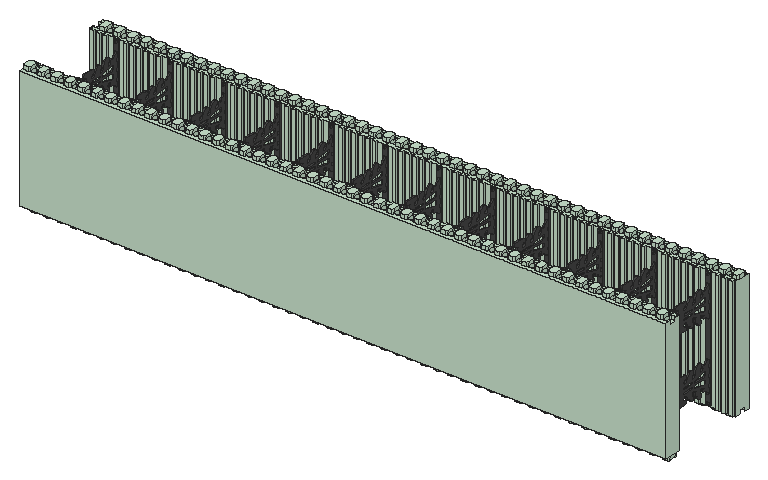
Revit family (continued)
Forms (mm)
  Extrusion 48, void
    sketch origin (2336.8, -50.718, 0) x (1, 0, 0) y (0, 1, 0)
      loop
        arc (49.108, -96.698) -> (48.795, -96.199) -> (48.685, -95.62) r 1.588
        line (48.685, -95.62) -> (48.685, -86.829) -> (44.346, -86.829) -> (44.346, -92.457)
        arc (44.346, -92.457) -> (43.786, -93.668) -> (42.5, -94.024) r 1.587
        arc (42.5, -94.024) -> (36.091, -93.737) -> (29.796, -94.972) r 26.988
        arc (29.796, -94.972) -> (26.615, -97.278) -> (25.4, -101.014) r 6.35
        line (25.4, -101.014) -> (25.4, -124.411)
    from 457.2 to 444.5
  Extrusion 49, void
    sketch origin (2387.6, -50.718, 0) x (1, 0, 0) y (0, 1, 0)
      loop
        arc (25.4, -124.411) -> (26.615, -128.147) -> (29.796, -130.453) r 6.35
        arc (29.796, -130.453) -> (38.1, -131.763) -> (46.404, -130.453) r 26.987
        arc (46.404, -130.453) -> (49.585, -128.147) -> (50.8, -124.411) r 6.35
        line (50.8, -124.411) -> (50.8, -101.014)
        arc (50.8, -101.014) -> (50.362, -98.696) -> (49.108, -96.698) r 6.35
        arc (49.108, -96.698) -> (48.795, -96.199) -> (48.685, -95.62) r 1.588
        line (48.685, -95.62) -> (48.685, -86.829) -> (44.346, -86.829) -> (44.346, -92.457)
        arc (44.346, -92.457) -> (43.786, -93.668) -> (42.5, -94.024) r 1.587
        arc (42.5, -94.024) -> (36.091, -93.737) -> (29.796, -94.972) r 26.988
        arc (29.796, -94.972) -> (26.615, -97.278) -> (25.4, -101.014) r 6.35
        line (25.4, -101.014) -> (25.4, -124.411)
    from 457.2 to 444.5
  Extrusion 50, void
    sketch origin (2438.4, 50.882, 0) x (-1, 0, 0) y (0, -1, 0)
      loop
        arc (25.4, -124.411) -> (26.615, -128.147) -> (29.796, -130.453) r 6.35
        arc (29.796, -130.453) -> (38.1, -131.763) -> (46.404, -130.453) r 26.987
        arc (46.404, -130.453) -> (49.585, -128.147) -> (50.8, -124.411) r 6.35
        line (50.8, -124.411) -> (50.8, -101.014)
        arc (50.8, -101.014) -> (50.362, -98.696) -> (49.108, -96.698) r 6.35
        arc (49.108, -96.698) -> (48.795, -96.199) -> (48.685, -95.62) r 1.588
        line (48.685, -95.62) -> (48.685, -86.829) -> (44.346, -86.829) -> (44.346, -92.457)
        arc (44.346, -92.457) -> (43.786, -93.668) -> (42.5, -94.024) r 1.587
        arc (42.5, -94.024) -> (36.091, -93.737) -> (29.796, -94.972) r 26.988
        arc (29.796, -94.972) -> (26.615, -97.278) -> (25.4, -101.014) r 6.35
        line (25.4, -101.014) -> (25.4, -124.411)
    from 457.2 to 444.5
  Extrusion 51, void
    sketch origin (2387.6, 50.882, 0) x (-1, 0, 0) y (0, -1, 0)
      loop
        arc (25.4, -124.411) -> (26.615, -128.147) -> (29.796, -130.453) r 6.35
        arc (29.796, -130.453) -> (38.1, -131.763) -> (46.404, -130.453) r 26.987
        arc (46.404, -130.453) -> (49.585, -128.147) -> (50.8, -124.411) r 6.35
        line (50.8, -124.411) -> (50.8, -101.014)
        arc (50.8, -101.014) -> (50.362, -98.696) -> (49.108, -96.698) r 6.35
        arc (49.108, -96.698) -> (48.795, -96.199) -> (48.685, -95.62) r 1.588
        line (48.685, -95.62) -> (48.685, -86.829) -> (44.346, -86.829) -> (44.346, -92.457)
        arc (44.346, -92.457) -> (43.786, -93.668) -> (42.5, -94.024) r 1.587
        arc (42.5, -94.024) -> (36.091, -93.737) -> (29.796, -94.972) r 26.988
        arc (29.796, -94.972) -> (26.615, -97.278) -> (25.4, -101.014) r 6.35
        line (25.4, -101.014) -> (25.4, -124.411)
    from 457.2 to 444.5
  Extrusion 52, void
    sketch origin (2336.8, 50.882, 0) x (-1, 0, 0) y (0, -1, 0)
      loop
        arc (25.4, -124.411) -> (26.615, -128.147) -> (29.796, -130.453) r 6.35
        arc (29.796, -130.453) -> (38.1, -131.763) -> (46.404, -130.453) r 26.987
        arc (46.404, -130.453) -> (49.585, -128.147) -> (50.8, -124.411) r 6.35
        line (50.8, -124.411) -> (50.8, -101.014)
        arc (50.8, -101.014) -> (50.362, -98.696) -> (49.108, -96.698) r 6.35
        arc (49.108, -96.698) -> (48.795, -96.199) -> (48.685, -95.62) r 1.588
        line (48.685, -95.62) -> (48.685, -86.829) -> (44.346, -86.829) -> (44.346, -92.457)
        arc (44.346, -92.457) -> (43.786, -93.668) -> (42.5, -94.024) r 1.587
        arc (42.5, -94.024) -> (36.091, -93.737) -> (29.796, -94.972) r 26.988
        arc (29.796, -94.972) -> (26.615, -97.278) -> (25.4, -101.014) r 6.35
        line (25.4, -101.014) -> (25.4, -124.411)
    from 457.2 to 444.5
  Extrusion 53, void
    sketch origin (2286, 50.882, 0) x (-1, 0, 0) y (0, -1, 0)
      loop
        arc (25.4, -124.411) -> (26.615, -128.147) -> (29.796, -130.453) r 6.35
        arc (29.796, -130.453) -> (38.1, -131.763) -> (46.404, -130.453) r 26.987
        arc (46.404, -130.453) -> (49.585, -128.147) -> (50.8, -124.411) r 6.35
        line (50.8, -124.411) -> (50.8, -101.014)
        arc (50.8, -101.014) -> (50.362, -98.696) -> (49.108, -96.698) r 6.35
        arc (49.108, -96.698) -> (48.795, -96.199) -> (48.685, -95.62) r 1.588
        line (48.685, -95.62) -> (48.685, -86.829) -> (44.346, -86.829) -> (44.346, -92.457)
        arc (44.346, -92.457) -> (43.786, -93.668) -> (42.5, -94.024) r 1.587
        arc (42.5, -94.024) -> (36.091, -93.737) -> (29.796, -94.972) r 26.988
        arc (29.796, -94.972) -> (26.615, -97.278) -> (25.4, -101.014) r 6.35
        line (25.4, -101.014) -> (25.4, -124.411)
    from 457.2 to 444.5
  Extrusion 54, void
    sketch origin (2235.2, 50.882, 0) x (-1, 0, 0) y (0, -1, 0)
      loop
        arc (25.4, -124.411) -> (26.615, -128.147) -> (29.796, -130.453) r 6.35
        arc (29.796, -130.453) -> (38.1, -131.763) -> (46.404, -130.453) r 26.987
        arc (46.404, -130.453) -> (49.585, -128.147) -> (50.8, -124.411) r 6.35
        line (50.8, -124.411) -> (50.8, -101.014)
        arc (50.8, -101.014) -> (50.362, -98.696) -> (49.108, -96.698) r 6.35
        arc (49.108, -96.698) -> (48.795, -96.199) -> (48.685, -95.62) r 1.588
        line (48.685, -95.62) -> (48.685, -86.829) -> (44.346, -86.829) -> (44.346, -92.457)
        arc (44.346, -92.457) -> (43.786, -93.668) -> (42.5, -94.024) r 1.587
        arc (42.5, -94.024) -> (36.091, -93.737) -> (29.796, -94.972) r 26.988
        arc (29.796, -94.972) -> (26.615, -97.278) -> (25.4, -101.014) r 6.35
        line (25.4, -101.014) -> (25.4, -124.411)
    from 457.2 to 444.5
  Extrusion 55, void
    sketch origin (2184.4, 50.882, 0) x (-1, 0, 0) y (0, -1, 0)
      loop
        arc (25.4, -124.411) -> (26.615, -128.147) -> (29.796, -130.453) r 6.35
        arc (29.796, -130.453) -> (38.1, -131.763) -> (46.404, -130.453) r 26.987
        arc (46.404, -130.453) -> (49.585, -128.147) -> (50.8, -124.411) r 6.35
        line (50.8, -124.411) -> (50.8, -101.014)
        arc (50.8, -101.014) -> (50.362, -98.696) -> (49.108, -96.698) r 6.35
        arc (49.108, -96.698) -> (48.795, -96.199) -> (48.685, -95.62) r 1.588
        line (48.685, -95.62) -> (48.685, -86.829) -> (44.346, -86.829) -> (44.346, -92.457)
        arc (44.346, -92.457) -> (43.786, -93.668) -> (42.5, -94.024) r 1.587
        arc (42.5, -94.024) -> (36.091, -93.737) -> (29.796, -94.972) r 26.988
        arc (29.796, -94.972) -> (26.615, -97.278) -> (25.4, -101.014) r 6.35
        line (25.4, -101.014) -> (25.4, -124.411)
    from 457.2 to 444.5
  Extrusion 56, void
    sketch origin (2133.6, 50.882, 0) x (-1, 0, 0) y (0, -1, 0)
      loop
        arc (25.4, -124.411) -> (26.615, -128.147) -> (29.796, -130.453) r 6.35
        arc (29.796, -130.453) -> (38.1, -131.763) -> (46.404, -130.453) r 26.987
        arc (46.404, -130.453) -> (49.585, -128.147) -> (50.8, -124.411) r 6.35
        line (50.8, -124.411) -> (50.8, -101.014)
        arc (50.8, -101.014) -> (50.362, -98.696) -> (49.108, -96.698) r 6.35
        arc (49.108, -96.698) -> (48.795, -96.199) -> (48.685, -95.62) r 1.588
        line (48.685, -95.62) -> (48.685, -86.829) -> (44.346, -86.829) -> (44.346, -92.457)
        arc (44.346, -92.457) -> (43.786, -93.668) -> (42.5, -94.024) r 1.587
        arc (42.5, -94.024) -> (36.091, -93.737) -> (29.796, -94.972) r 26.988
        arc (29.796, -94.972) -> (26.615, -97.278) -> (25.4, -101.014) r 6.35
        line (25.4, -101.014) -> (25.4, -124.411)
    from 457.2 to 444.5
  Extrusion 57, void
    sketch origin (2082.8, 50.882, 0) x (-1, 0, 0) y (0, -1, 0)
      loop
        arc (25.4, -124.411) -> (26.615, -128.147) -> (29.796, -130.453) r 6.35
        arc (29.796, -130.453) -> (38.1, -131.763) -> (46.404, -130.453) r 26.987
        arc (46.404, -130.453) -> (49.585, -128.147) -> (50.8, -124.411) r 6.35
        line (50.8, -124.411) -> (50.8, -101.014)
        arc (50.8, -101.014) -> (50.362, -98.696) -> (49.108, -96.698) r 6.35
        arc (49.108, -96.698) -> (48.795, -96.199) -> (48.685, -95.62) r 1.588
        line (48.685, -95.62) -> (48.685, -86.829) -> (44.346, -86.829) -> (44.346, -92.457)
        arc (44.346, -92.457) -> (43.786, -93.668) -> (42.5, -94.024) r 1.587
        arc (42.5, -94.024) -> (36.091, -93.737) -> (29.796, -94.972) r 26.988
        arc (29.796, -94.972) -> (26.615, -97.278) -> (25.4, -101.014) r 6.35
        line (25.4, -101.014) -> (25.4, -124.411)
    from 457.2 to 444.5
  Extrusion 58, void
    sketch origin (2032, 50.882, 0) x (-1, 0, 0) y (0, -1, 0)
      loop
        arc (25.4, -124.411) -> (26.615, -128.147) -> (29.796, -130.453) r 6.35
        arc (29.796, -130.453) -> (38.1, -131.763) -> (46.404, -130.453) r 26.987
        arc (46.404, -130.453) -> (49.585, -128.147) -> (50.8, -124.411) r 6.35
        line (50.8, -124.411) -> (50.8, -101.014)
        arc (50.8, -101.014) -> (50.362, -98.696) -> (49.108, -96.698) r 6.35
        arc (49.108, -96.698) -> (48.795, -96.199) -> (48.685, -95.62) r 1.588
        line (48.685, -95.62) -> (48.685, -86.829) -> (44.346, -86.829) -> (44.346, -92.457)
        arc (44.346, -92.457) -> (43.786, -93.668) -> (42.5, -94.024) r 1.587
        arc (42.5, -94.024) -> (36.091, -93.737) -> (29.796, -94.972) r 26.988
        arc (29.796, -94.972) -> (26.615, -97.278) -> (25.4, -101.014) r 6.35
        line (25.4, -101.014) -> (25.4, -124.411)
    from 457.2 to 444.5
  Extrusion 59, void
    sketch origin (1981.2, 50.882, 0) x (-1, 0, 0) y (0, -1, 0)
      loop
        arc (25.4, -124.411) -> (26.615, -128.147) -> (29.796, -130.453) r 6.35
        arc (29.796, -130.453) -> (38.1, -131.763) -> (46.404, -130.453) r 26.987
        arc (46.404, -130.453) -> (49.585, -128.147) -> (50.8, -124.411) r 6.35
        line (50.8, -124.411) -> (50.8, -101.014)
        arc (50.8, -101.014) -> (50.362, -98.696) -> (49.108, -96.698) r 6.35
        arc (49.108, -96.698) -> (48.795, -96.199) -> (48.685, -95.62) r 1.588
        line (48.685, -95.62) -> (48.685, -86.829) -> (44.346, -86.829) -> (44.346, -92.457)
        arc (44.346, -92.457) -> (43.786, -93.668) -> (42.5, -94.024) r 1.587
        arc (42.5, -94.024) -> (36.091, -93.737) -> (29.796, -94.972) r 26.988
        arc (29.796, -94.972) -> (26.615, -97.278) -> (25.4, -101.014) r 6.35
        line (25.4, -101.014) -> (25.4, -124.411)
    from 457.2 to 444.5
  Extrusion 60, void
    sketch origin (1930.4, 50.882, 0) x (-1, 0, 0) y (0, -1, 0)
      loop
        arc (25.4, -124.411) -> (26.615, -128.147) -> (29.796, -130.453) r 6.35
        arc (29.796, -130.453) -> (38.1, -131.763) -> (46.404, -130.453) r 26.987
        arc (46.404, -130.453) -> (49.585, -128.147) -> (50.8, -124.411) r 6.35
        line (50.8, -124.411) -> (50.8, -101.014)
        arc (50.8, -101.014) -> (50.362, -98.696) -> (49.108, -96.698) r 6.35
        arc (49.108, -96.698) -> (48.795, -96.199) -> (48.685, -95.62) r 1.588
        line (48.685, -95.62) -> (48.685, -86.829) -> (44.346, -86.829) -> (44.346, -92.457)
        arc (44.346, -92.457) -> (43.786, -93.668) -> (42.5, -94.024) r 1.587
        arc (42.5, -94.024) -> (36.091, -93.737) -> (29.796, -94.972) r 26.988
        arc (29.796, -94.972) -> (26.615, -97.278) -> (25.4, -101.014) r 6.35
        line (25.4, -101.014) -> (25.4, -124.411)
    from 457.2 to 444.5
  Extrusion 61, void
    sketch origin (1879.6, 50.882, 0) x (-1, 0, 0) y (0, -1, 0)
      loop
        arc (25.4, -124.411) -> (26.615, -128.147) -> (29.796, -130.453) r 6.35
        arc (29.796, -130.453) -> (38.1, -131.763) -> (46.404, -130.453) r 26.987
        arc (46.404, -130.453) -> (49.585, -128.147) -> (50.8, -124.411) r 6.35
        line (50.8, -124.411) -> (50.8, -101.014)
        arc (50.8, -101.014) -> (50.362, -98.696) -> (49.108, -96.698) r 6.35
        arc (49.108, -96.698) -> (48.795, -96.199) -> (48.685, -95.62) r 1.588
        line (48.685, -95.62) -> (48.685, -86.829) -> (44.346, -86.829) -> (44.346, -92.457)
        arc (44.346, -92.457) -> (43.786, -93.668) -> (42.5, -94.024) r 1.587
        arc (42.5, -94.024) -> (36.091, -93.737) -> (29.796, -94.972) r 26.988
        arc (29.796, -94.972) -> (26.615, -97.278) -> (25.4, -101.014) r 6.35
        line (25.4, -101.014) -> (25.4, -124.411)
    from 457.2 to 444.5
  Extrusion 62, void
    sketch origin (1828.8, 50.882, 0) x (-1, 0, 0) y (0, -1, 0)
      loop
        arc (25.4, -124.411) -> (26.615, -128.147) -> (29.796, -130.453) r 6.35
        arc (29.796, -130.453) -> (38.1, -131.763) -> (46.404, -130.453) r 26.987
        arc (46.404, -130.453) -> (49.585, -128.147) -> (50.8, -124.411) r 6.35
        line (50.8, -124.411) -> (50.8, -101.014)
        arc (50.8, -101.014) -> (50.362, -98.696) -> (49.108, -96.698) r 6.35
        arc (49.108, -96.698) -> (48.795, -96.199) -> (48.685, -95.62) r 1.588
        line (48.685, -95.62) -> (48.685, -86.829) -> (44.346, -86.829) -> (44.346, -92.457)
        arc (44.346, -92.457) -> (43.786, -93.668) -> (42.5, -94.024) r 1.587
        arc (42.5, -94.024) -> (36.091, -93.737) -> (29.796, -94.972) r 26.988
        arc (29.796, -94.972) -> (26.615, -97.278) -> (25.4, -101.014) r 6.35
        line (25.4, -101.014) -> (25.4, -124.411)
    from 457.2 to 444.5
  Extrusion 63, void
    sketch origin (1778, 50.882, 0) x (-1, 0, 0) y (0, -1, 0)
      loop
        arc (25.4, -124.411) -> (26.615, -128.147) -> (29.796, -130.453) r 6.35
        arc (29.796, -130.453) -> (38.1, -131.763) -> (46.404, -130.453) r 26.987
        arc (46.404, -130.453) -> (49.585, -128.147) -> (50.8, -124.411) r 6.35
        line (50.8, -124.411) -> (50.8, -101.014)
        arc (50.8, -101.014) -> (50.362, -98.696) -> (49.108, -96.698) r 6.35
        arc (49.108, -96.698) -> (48.795, -96.199) -> (48.685, -95.62) r 1.588
        line (48.685, -95.62) -> (48.685, -86.829) -> (44.346, -86.829) -> (44.346, -92.457)
        arc (44.346, -92.457) -> (43.786, -93.668) -> (42.5, -94.024) r 1.587
        arc (42.5, -94.024) -> (36.091, -93.737) -> (29.796, -94.972) r 26.988
        arc (29.796, -94.972) -> (26.615, -97.278) -> (25.4, -101.014) r 6.35
        line (25.4, -101.014) -> (25.4, -124.411)
    from 457.2 to 444.5
  Extrusion 64, void
    sketch origin (1727.2, 50.882, 0) x (-1, 0, 0) y (0, -1, 0)
      loop
        arc (25.4, -124.411) -> (26.615, -128.147) -> (29.796, -130.453) r 6.35
        arc (29.796, -130.453) -> (38.1, -131.763) -> (46.404, -130.453) r 26.987
        arc (46.404, -130.453) -> (49.585, -128.147) -> (50.8, -124.411) r 6.35
        line (50.8, -124.411) -> (50.8, -101.014)
        arc (50.8, -101.014) -> (50.362, -98.696) -> (49.108, -96.698) r 6.35
        arc (49.108, -96.698) -> (48.795, -96.199) -> (48.685, -95.62) r 1.588
        line (48.685, -95.62) -> (48.685, -86.829) -> (44.346, -86.829) -> (44.346, -92.457)
        arc (44.346, -92.457) -> (43.786, -93.668) -> (42.5, -94.024) r 1.587
        arc (42.5, -94.024) -> (36.091, -93.737) -> (29.796, -94.972) r 26.988
        arc (29.796, -94.972) -> (26.615, -97.278) -> (25.4, -101.014) r 6.35
        line (25.4, -101.014) -> (25.4, -124.411)
    from 457.2 to 444.5
  Extrusion 65, void
    sketch origin (1676.4, 50.882, 0) x (-1, 0, 0) y (0, -1, 0)
      loop
        arc (25.4, -124.411) -> (26.615, -128.147) -> (29.796, -130.453) r 6.35
        arc (29.796, -130.453) -> (38.1, -131.763) -> (46.404, -130.453) r 26.987
        arc (46.404, -130.453) -> (49.585, -128.147) -> (50.8, -124.411) r 6.35
        line (50.8, -124.411) -> (50.8, -101.014)
        arc (50.8, -101.014) -> (50.362, -98.696) -> (49.108, -96.698) r 6.35
        arc (49.108, -96.698) -> (48.795, -96.199) -> (48.685, -95.62) r 1.588
        line (48.685, -95.62) -> (48.685, -86.829) -> (44.346, -86.829) -> (44.346, -92.457)
        arc (44.346, -92.457) -> (43.786, -93.668) -> (42.5, -94.024) r 1.587
        arc (42.5, -94.024) -> (36.091, -93.737) -> (29.796, -94.972) r 26.988
        arc (29.796, -94.972) -> (26.615, -97.278) -> (25.4, -101.014) r 6.35
        line (25.4, -101.014) -> (25.4, -124.411)
    from 457.2 to 444.5
  Extrusion 66, void
    sketch origin (1625.6, 50.882, 0) x (-1, 0, 0) y (0, -1, 0)
      loop
        arc (25.4, -124.411) -> (26.615, -128.147) -> (29.796, -130.453) r 6.35
        arc (29.796, -130.453) -> (38.1, -131.763) -> (46.404, -130.453) r 26.987
        arc (46.404, -130.453) -> (49.585, -128.147) -> (50.8, -124.411) r 6.35
        line (50.8, -124.411) -> (50.8, -101.014)
        arc (50.8, -101.014) -> (50.362, -98.696) -> (49.108, -96.698) r 6.35
        arc (49.108, -96.698) -> (48.795, -96.199) -> (48.685, -95.62) r 1.588
        line (48.685, -95.62) -> (48.685, -86.829) -> (44.346, -86.829) -> (44.346, -92.457)
        arc (44.346, -92.457) -> (43.786, -93.668) -> (42.5, -94.024) r 1.587
        arc (42.5, -94.024) -> (36.091, -93.737) -> (29.796, -94.972) r 26.988
        arc (29.796, -94.972) -> (26.615, -97.278) -> (25.4, -101.014) r 6.35
        line (25.4, -101.014) -> (25.4, -124.411)
    from 457.2 to 444.5
  Extrusion 67, void
    sketch origin (1574.8, 50.882, 0) x (-1, 0, 0) y (0, -1, 0)
      loop
        arc (25.4, -124.411) -> (26.615, -128.147) -> (29.796, -130.453) r 6.35
        arc (29.796, -130.453) -> (38.1, -131.763) -> (46.404, -130.453) r 26.987
        arc (46.404, -130.453) -> (49.585, -128.147) -> (50.8, -124.411) r 6.35
        line (50.8, -124.411) -> (50.8, -101.014)
        arc (50.8, -101.014) -> (50.362, -98.696) -> (49.108, -96.698) r 6.35
        arc (49.108, -96.698) -> (48.795, -96.199) -> (48.685, -95.62) r 1.588
        line (48.685, -95.62) -> (48.685, -86.829) -> (44.346, -86.829) -> (44.346, -92.457)
        arc (44.346, -92.457) -> (43.786, -93.668) -> (42.5, -94.024) r 1.587
        arc (42.5, -94.024) -> (36.091, -93.737) -> (29.796, -94.972) r 26.988
        arc (29.796, -94.972) -> (26.615, -97.278) -> (25.4, -101.014) r 6.35
        line (25.4, -101.014) -> (25.4, -124.411)
    from 457.2 to 444.5
  Extrusion 68, void
    sketch origin (1524, 50.882, 0) x (-1, 0, 0) y (0, -1, 0)
      loop
        arc (25.4, -124.411) -> (26.615, -128.147) -> (29.796, -130.453) r 6.35
        arc (29.796, -130.453) -> (38.1, -131.763) -> (46.404, -130.453) r 26.987
        arc (46.404, -130.453) -> (49.585, -128.147) -> (50.8, -124.411) r 6.35
        line (50.8, -124.411) -> (50.8, -101.014)
        arc (50.8, -101.014) -> (50.362, -98.696) -> (49.108, -96.698) r 6.35
        arc (49.108, -96.698) -> (48.795, -96.199) -> (48.685, -95.62) r 1.588
        line (48.685, -95.62) -> (48.685, -86.829) -> (44.346, -86.829) -> (44.346, -92.457)
        arc (44.346, -92.457) -> (43.786, -93.668) -> (42.5, -94.024) r 1.587
        arc (42.5, -94.024) -> (36.091, -93.737) -> (29.796, -94.972) r 26.988
        arc (29.796, -94.972) -> (26.615, -97.278) -> (25.4, -101.014) r 6.35
        line (25.4, -101.014) -> (25.4, -124.411)
    from 457.2 to 444.5
  Extrusion 69, void
    sketch origin (1473.2, 50.882, 0) x (-1, 0, 0) y (0, -1, 0)
      loop
        arc (25.4, -124.411) -> (26.615, -128.147) -> (29.796, -130.453) r 6.35
        arc (29.796, -130.453) -> (38.1, -131.763) -> (46.404, -130.453) r 26.987
        arc (46.404, -130.453) -> (49.585, -128.147) -> (50.8, -124.411) r 6.35
        line (50.8, -124.411) -> (50.8, -101.014)
        arc (50.8, -101.014) -> (50.362, -98.696) -> (49.108, -96.698) r 6.35
        arc (49.108, -96.698) -> (48.795, -96.199) -> (48.685, -95.62) r 1.588
        line (48.685, -95.62) -> (48.685, -86.829) -> (44.346, -86.829) -> (44.346, -92.457)
        arc (44.346, -92.457) -> (43.786, -93.668) -> (42.5, -94.024) r 1.587
        arc (42.5, -94.024) -> (36.091, -93.737) -> (29.796, -94.972) r 26.988
        arc (29.796, -94.972) -> (26.615, -97.278) -> (25.4, -101.014) r 6.35
        line (25.4, -101.014) -> (25.4, -124.411)
    from 457.2 to 444.5
  Extrusion 70, void
    sketch origin (1422.4, 50.882, 0) x (-1, 0, 0) y (0, -1, 0)
      loop
        arc (25.4, -124.411) -> (26.615, -128.147) -> (29.796, -130.453) r 6.35
        arc (29.796, -130.453) -> (38.1, -131.763) -> (46.404, -130.453) r 26.987
        arc (46.404, -130.453) -> (49.585, -128.147) -> (50.8, -124.411) r 6.35
        line (50.8, -124.411) -> (50.8, -101.014)
        arc (50.8, -101.014) -> (50.362, -98.696) -> (49.108, -96.698) r 6.35
        arc (49.108, -96.698) -> (48.795, -96.199) -> (48.685, -95.62) r 1.588
        line (48.685, -95.62) -> (48.685, -86.829) -> (44.346, -86.829) -> (44.346, -92.457)
        arc (44.346, -92.457) -> (43.786, -93.668) -> (42.5, -94.024) r 1.587
        arc (42.5, -94.024) -> (36.091, -93.737) -> (29.796, -94.972) r 26.988
        arc (29.796, -94.972) -> (26.615, -97.278) -> (25.4, -101.014) r 6.35
        line (25.4, -101.014) -> (25.4, -124.411)
    from 457.2 to 444.5
  Extrusion 71, void
    sketch origin (1371.6, 50.882, 0) x (-1, 0, 0) y (0, -1, 0)
      loop
        arc (25.4, -124.411) -> (26.615, -128.147) -> (29.796, -130.453) r 6.35
        arc (29.796, -130.453) -> (38.1, -131.763) -> (46.404, -130.453) r 26.987
        arc (46.404, -130.453) -> (49.585, -128.147) -> (50.8, -124.411) r 6.35
        line (50.8, -124.411) -> (50.8, -101.014)
        arc (50.8, -101.014) -> (50.362, -98.696) -> (49.108, -96.698) r 6.35
        arc (49.108, -96.698) -> (48.795, -96.199) -> (48.685, -95.62) r 1.588
        line (48.685, -95.62) -> (48.685, -86.829) -> (44.346, -86.829) -> (44.346, -92.457)
        arc (44.346, -92.457) -> (43.786, -93.668) -> (42.5, -94.024) r 1.587
        arc (42.5, -94.024) -> (36.091, -93.737) -> (29.796, -94.972) r 26.988
        arc (29.796, -94.972) -> (26.615, -97.278) -> (25.4, -101.014) r 6.35
        line (25.4, -101.014) -> (25.4, -124.411)
    from 457.2 to 444.5
  Extrusion 72, void
    sketch origin (1320.8, 50.882, 0) x (-1, 0, 0) y (0, -1, 0)
      loop
        arc (25.4, -124.411) -> (26.615, -128.147) -> (29.796, -130.453) r 6.35
        arc (29.796, -130.453) -> (38.1, -131.763) -> (46.404, -130.453) r 26.987
        arc (46.404, -130.453) -> (49.585, -128.147) -> (50.8, -124.411) r 6.35
        line (50.8, -124.411) -> (50.8, -101.014)
        arc (50.8, -101.014) -> (50.362, -98.696) -> (49.108, -96.698) r 6.35
        arc (49.108, -96.698) -> (48.795, -96.199) -> (48.685, -95.62) r 1.588
        line (48.685, -95.62) -> (48.685, -86.829) -> (44.346, -86.829) -> (44.346, -92.457)
        arc (44.346, -92.457) -> (43.786, -93.668) -> (42.5, -94.024) r 1.587
        arc (42.5, -94.024) -> (36.091, -93.737) -> (29.796, -94.972) r 26.988
        arc (29.796, -94.972) -> (26.615, -97.278) -> (25.4, -101.014) r 6.35
        line (25.4, -101.014) -> (25.4, -124.411)
    from 457.2 to 444.5
  Extrusion 73, void
    sketch origin (1270, 50.882, 0) x (-1, 0, 0) y (0, -1, 0)
      loop
        arc (25.4, -124.411) -> (26.615, -128.147) -> (29.796, -130.453) r 6.35
        arc (29.796, -130.453) -> (38.1, -131.763) -> (46.404, -130.453) r 26.987
        arc (46.404, -130.453) -> (49.585, -128.147) -> (50.8, -124.411) r 6.35
        line (50.8, -124.411) -> (50.8, -101.014)
        arc (50.8, -101.014) -> (50.362, -98.696) -> (49.108, -96.698) r 6.35
        arc (49.108, -96.698) -> (48.795, -96.199) -> (48.685, -95.62) r 1.588
        line (48.685, -95.62) -> (48.685, -86.829) -> (44.346, -86.829) -> (44.346, -92.457)
        arc (44.346, -92.457) -> (43.786, -93.668) -> (42.5, -94.024) r 1.587
        arc (42.5, -94.024) -> (36.091, -93.737) -> (29.796, -94.972) r 26.988
        arc (29.796, -94.972) -> (26.615, -97.278) -> (25.4, -101.014) r 6.35
        line (25.4, -101.014) -> (25.4, -124.411)
    from 457.2 to 444.5
  Extrusion 74, void
    sketch origin (1219.2, 50.882, 0) x (-1, 0, 0) y (0, -1, 0)
      loop
        arc (25.4, -124.411) -> (26.615, -128.147) -> (29.796, -130.453) r 6.35
        arc (29.796, -130.453) -> (38.1, -131.763) -> (46.404, -130.453) r 26.987
        arc (46.404, -130.453) -> (49.585, -128.147) -> (50.8, -124.411) r 6.35
        line (50.8, -124.411) -> (50.8, -101.014)
        arc (50.8, -101.014) -> (50.362, -98.696) -> (49.108, -96.698) r 6.35
        arc (49.108, -96.698) -> (48.795, -96.199) -> (48.685, -95.62) r 1.588
        line (48.685, -95.62) -> (48.685, -86.829) -> (44.346, -86.829) -> (44.346, -92.457)
        arc (44.346, -92.457) -> (43.786, -93.668) -> (42.5, -94.024) r 1.587
        arc (42.5, -94.024) -> (36.091, -93.737) -> (29.796, -94.972) r 26.988
        arc (29.796, -94.972) -> (26.615, -97.278) -> (25.4, -101.014) r 6.35
        line (25.4, -101.014) -> (25.4, -124.411)
    from 457.2 to 444.5
  Extrusion 75, void
    sketch origin (1168.4, 50.882, 0) x (-1, 0, 0) y (0, -1, 0)
      loop
        arc (25.4, -124.411) -> (26.615, -128.147) -> (29.796, -130.453) r 6.35
        arc (29.796, -130.453) -> (38.1, -131.763) -> (46.404, -130.453) r 26.987
        arc (46.404, -130.453) -> (49.585, -128.147) -> (50.8, -124.411) r 6.35
        line (50.8, -124.411) -> (50.8, -101.014)
        arc (50.8, -101.014) -> (50.362, -98.696) -> (49.108, -96.698) r 6.35
        arc (49.108, -96.698) -> (48.795, -96.199) -> (48.685, -95.62) r 1.588
        line (48.685, -95.62) -> (48.685, -86.829) -> (44.346, -86.829) -> (44.346, -92.457)
        arc (44.346, -92.457) -> (43.786, -93.668) -> (42.5, -94.024) r 1.587
        arc (42.5, -94.024) -> (36.091, -93.737) -> (29.796, -94.972) r 26.988
        arc (29.796, -94.972) -> (26.615, -97.278) -> (25.4, -101.014) r 6.35
        line (25.4, -101.014) -> (25.4, -124.411)
    from 457.2 to 444.5
  Extrusion 76, void
    sketch origin (1117.6, 50.882, 0) x (-1, 0, 0) y (0, -1, 0)
      loop
        arc (25.4, -124.411) -> (26.615, -128.147) -> (29.796, -130.453) r 6.35
        arc (29.796, -130.453) -> (38.1, -131.763) -> (46.404, -130.453) r 26.987
        arc (46.404, -130.453) -> (49.585, -128.147) -> (50.8, -124.411) r 6.35
        line (50.8, -124.411) -> (50.8, -101.014)
        arc (50.8, -101.014) -> (50.362, -98.696) -> (49.108, -96.698) r 6.35
        arc (49.108, -96.698) -> (48.795, -96.199) -> (48.685, -95.62) r 1.588
        line (48.685, -95.62) -> (48.685, -86.829) -> (44.346, -86.829) -> (44.346, -92.457)
        arc (44.346, -92.457) -> (43.786, -93.668) -> (42.5, -94.024) r 1.587
        arc (42.5, -94.024) -> (36.091, -93.737) -> (29.796, -94.972) r 26.988
        arc (29.796, -94.972) -> (26.615, -97.278) -> (25.4, -101.014) r 6.35
        line (25.4, -101.014) -> (25.4, -124.411)
    from 457.2 to 444.5
  Extrusion 77, void
    sketch origin (1066.8, 50.882, 0) x (-1, 0, 0) y (0, -1, 0)
      loop
        arc (25.4, -124.411) -> (26.615, -128.147) -> (29.796, -130.453) r 6.35
        arc (29.796, -130.453) -> (38.1, -131.763) -> (46.404, -130.453) r 26.987
        arc (46.404, -130.453) -> (49.585, -128.147) -> (50.8, -124.411) r 6.35
        line (50.8, -124.411) -> (50.8, -101.014)
        arc (50.8, -101.014) -> (50.362, -98.696) -> (49.108, -96.698) r 6.35
        arc (49.108, -96.698) -> (48.795, -96.199) -> (48.685, -95.62) r 1.588
        line (48.685, -95.62) -> (48.685, -86.829) -> (44.346, -86.829) -> (44.346, -92.457)
        arc (44.346, -92.457) -> (43.786, -93.668) -> (42.5, -94.024) r 1.587
        arc (42.5, -94.024) -> (36.091, -93.737) -> (29.796, -94.972) r 26.988
        arc (29.796, -94.972) -> (26.615, -97.278) -> (25.4, -101.014) r 6.35
        line (25.4, -101.014) -> (25.4, -124.411)
    from 457.2 to 444.5
  Extrusion 78, void
    sketch origin (1016, 50.882, 0) x (-1, 0, 0) y (0, -1, 0)
      loop
        arc (25.4, -124.411) -> (26.615, -128.147) -> (29.796, -130.453) r 6.35
        arc (29.796, -130.453) -> (38.1, -131.763) -> (46.404, -130.453) r 26.987
        arc (46.404, -130.453) -> (49.585, -128.147) -> (50.8, -124.411) r 6.35
        line (50.8, -124.411) -> (50.8, -101.014)
        arc (50.8, -101.014) -> (50.362, -98.696) -> (49.108, -96.698) r 6.35
        arc (49.108, -96.698) -> (48.795, -96.199) -> (48.685, -95.62) r 1.588
        line (48.685, -95.62) -> (48.685, -86.829) -> (44.346, -86.829) -> (44.346, -92.457)
        arc (44.346, -92.457) -> (43.786, -93.668) -> (42.5, -94.024) r 1.587
        arc (42.5, -94.024) -> (36.091, -93.737) -> (29.796, -94.972) r 26.988
        arc (29.796, -94.972) -> (26.615, -97.278) -> (25.4, -101.014) r 6.35
        line (25.4, -101.014) -> (25.4, -124.411)
    from 457.2 to 444.5
  Extrusion 79, void
    sketch origin (965.2, 50.882, 0) x (-1, 0, 0) y (0, -1, 0)
      loop
        arc (25.4, -124.411) -> (26.615, -128.147) -> (29.796, -130.453) r 6.35
        arc (29.796, -130.453) -> (38.1, -131.763) -> (46.404, -130.453) r 26.987
        arc (46.404, -130.453) -> (49.585, -128.147) -> (50.8, -124.411) r 6.35
        line (50.8, -124.411) -> (50.8, -101.014)
        arc (50.8, -101.014) -> (50.362, -98.696) -> (49.108, -96.698) r 6.35
        arc (49.108, -96.698) -> (48.795, -96.199) -> (48.685, -95.62) r 1.588
        line (48.685, -95.62) -> (48.685, -86.829) -> (44.346, -86.829) -> (44.346, -92.457)
        arc (44.346, -92.457) -> (43.786, -93.668) -> (42.5, -94.024) r 1.587
        arc (42.5, -94.024) -> (36.091, -93.737) -> (29.796, -94.972) r 26.988
        arc (29.796, -94.972) -> (26.615, -97.278) -> (25.4, -101.014) r 6.35
        line (25.4, -101.014) -> (25.4, -124.411)
    from 457.2 to 444.5
  Extrusion 80, void
    sketch origin (914.4, 50.882, 0) x (-1, 0, 0) y (0, -1, 0)
      loop
        arc (25.4, -124.411) -> (26.615, -128.147) -> (29.796, -130.453) r 6.35
        arc (29.796, -130.453) -> (38.1, -131.763) -> (46.404, -130.453) r 26.987
        arc (46.404, -130.453) -> (49.585, -128.147) -> (50.8, -124.411) r 6.35
        line (50.8, -124.411) -> (50.8, -101.014)
        arc (50.8, -101.014) -> (50.362, -98.696) -> (49.108, -96.698) r 6.35
        arc (49.108, -96.698) -> (48.795, -96.199) -> (48.685, -95.62) r 1.588
        line (48.685, -95.62) -> (48.685, -86.829) -> (44.346, -86.829) -> (44.346, -92.457)
        arc (44.346, -92.457) -> (43.786, -93.668) -> (42.5, -94.024) r 1.587
        arc (42.5, -94.024) -> (36.091, -93.737) -> (29.796, -94.972) r 26.988
        arc (29.796, -94.972) -> (26.615, -97.278) -> (25.4, -101.014) r 6.35
        line (25.4, -101.014) -> (25.4, -124.411)
    from 457.2 to 444.5
  Extrusion 81, void
    sketch origin (863.6, 50.882, 0) x (-1, 0, 0) y (0, -1, 0)
      loop
        arc (25.4, -124.411) -> (26.615, -128.147) -> (29.796, -130.453) r 6.35
        arc (29.796, -130.453) -> (38.1, -131.763) -> (46.404, -130.453) r 26.987
        arc (46.404, -130.453) -> (49.585, -128.147) -> (50.8, -124.411) r 6.35
        line (50.8, -124.411) -> (50.8, -101.014)
        arc (50.8, -101.014) -> (50.362, -98.696) -> (49.108, -96.698) r 6.35
        arc (49.108, -96.698) -> (48.795, -96.199) -> (48.685, -95.62) r 1.588
        line (48.685, -95.62) -> (48.685, -86.829) -> (44.346, -86.829) -> (44.346, -92.457)
        arc (44.346, -92.457) -> (43.786, -93.668) -> (42.5, -94.024) r 1.587
        arc (42.5, -94.024) -> (36.091, -93.737) -> (29.796, -94.972) r 26.988
        arc (29.796, -94.972) -> (26.615, -97.278) -> (25.4, -101.014) r 6.35
        line (25.4, -101.014) -> (25.4, -124.411)
    from 457.2 to 444.5
  Extrusion 82, void
    sketch origin (812.8, 50.882, 0) x (-1, 0, 0) y (0, -1, 0)
      loop
        arc (25.4, -124.411) -> (26.615, -128.147) -> (29.796, -130.453) r 6.35
        arc (29.796, -130.453) -> (38.1, -131.763) -> (46.404, -130.453) r 26.987
        arc (46.404, -130.453) -> (49.585, -128.147) -> (50.8, -124.411) r 6.35
        line (50.8, -124.411) -> (50.8, -101.014)
        arc (50.8, -101.014) -> (50.362, -98.696) -> (49.108, -96.698) r 6.35
        arc (49.108, -96.698) -> (48.795, -96.199) -> (48.685, -95.62) r 1.588
        line (48.685, -95.62) -> (48.685, -86.829) -> (44.346, -86.829) -> (44.346, -92.457)
        arc (44.346, -92.457) -> (43.786, -93.668) -> (42.5, -94.024) r 1.587
        arc (42.5, -94.024) -> (36.091, -93.737) -> (29.796, -94.972) r 26.988
        arc (29.796, -94.972) -> (26.615, -97.278) -> (25.4, -101.014) r 6.35
        line (25.4, -101.014) -> (25.4, -124.411)
    from 457.2 to 444.5
  Extrusion 83, void
    sketch origin (762, 50.882, 0) x (-1, 0, 0) y (0, -1, 0)
      loop
        arc (25.4, -124.411) -> (26.615, -128.147) -> (29.796, -130.453) r 6.35
        arc (29.796, -130.453) -> (38.1, -131.763) -> (46.404, -130.453) r 26.987
        arc (46.404, -130.453) -> (49.585, -128.147) -> (50.8, -124.411) r 6.35
        line (50.8, -124.411) -> (50.8, -101.014)
        arc (50.8, -101.014) -> (50.362, -98.696) -> (49.108, -96.698) r 6.35
        arc (49.108, -96.698) -> (48.795, -96.199) -> (48.685, -95.62) r 1.588
        line (48.685, -95.62) -> (48.685, -86.829) -> (44.346, -86.829) -> (44.346, -92.457)
        arc (44.346, -92.457) -> (43.786, -93.668) -> (42.5, -94.024) r 1.587
        arc (42.5, -94.024) -> (36.091, -93.737) -> (29.796, -94.972) r 26.988
        arc (29.796, -94.972) -> (26.615, -97.278) -> (25.4, -101.014) r 6.35
        line (25.4, -101.014) -> (25.4, -124.411)
    from 457.2 to 444.5
  Extrusion 84, void
    sketch origin (711.2, 50.882, 0) x (-1, 0, 0) y (0, -1, 0)
      loop
        arc (25.4, -124.411) -> (26.615, -128.147) -> (29.796, -130.453) r 6.35
        arc (29.796, -130.453) -> (38.1, -131.763) -> (46.404, -130.453) r 26.987
        arc (46.404, -130.453) -> (49.585, -128.147) -> (50.8, -124.411) r 6.35
        line (50.8, -124.411) -> (50.8, -101.014)
        arc (50.8, -101.014) -> (50.362, -98.696) -> (49.108, -96.698) r 6.35
        arc (49.108, -96.698) -> (48.795, -96.199) -> (48.685, -95.62) r 1.588
        line (48.685, -95.62) -> (48.685, -86.829) -> (44.346, -86.829) -> (44.346, -92.457)
        arc (44.346, -92.457) -> (43.786, -93.668) -> (42.5, -94.024) r 1.587
        arc (42.5, -94.024) -> (36.091, -93.737) -> (29.796, -94.972) r 26.988
        arc (29.796, -94.972) -> (26.615, -97.278) -> (25.4, -101.014) r 6.35
        line (25.4, -101.014) -> (25.4, -124.411)
    from 457.2 to 444.5
  Extrusion 85, void
    sketch origin (660.4, 50.882, 0) x (-1, 0, 0) y (0, -1, 0)
      loop
        arc (25.4, -124.411) -> (26.615, -128.147) -> (29.796, -130.453) r 6.35
        arc (29.796, -130.453) -> (38.1, -131.763) -> (46.404, -130.453) r 26.987
        arc (46.404, -130.453) -> (49.585, -128.147) -> (50.8, -124.411) r 6.35
        line (50.8, -124.411) -> (50.8, -101.014)
        arc (50.8, -101.014) -> (50.362, -98.696) -> (49.108, -96.698) r 6.35
        arc (49.108, -96.698) -> (48.795, -96.199) -> (48.685, -95.62) r 1.588
        line (48.685, -95.62) -> (48.685, -86.829) -> (44.346, -86.829) -> (44.346, -92.457)
        arc (44.346, -92.457) -> (43.786, -93.668) -> (42.5, -94.024) r 1.587
        arc (42.5, -94.024) -> (36.091, -93.737) -> (29.796, -94.972) r 26.988
        arc (29.796, -94.972) -> (26.615, -97.278) -> (25.4, -101.014) r 6.35
        line (25.4, -101.014) -> (25.4, -124.411)
    from 457.2 to 444.5
  Extrusion 86, void
    sketch origin (609.6, 50.882, 0) x (-1, 0, 0) y (0, -1, 0)
      loop
        arc (25.4, -124.411) -> (26.615, -128.147) -> (29.796, -130.453) r 6.35
        arc (29.796, -130.453) -> (38.1, -131.763) -> (46.404, -130.453) r 26.987
        arc (46.404, -130.453) -> (49.585, -128.147) -> (50.8, -124.411) r 6.35
        line (50.8, -124.411) -> (50.8, -101.014)
        arc (50.8, -101.014) -> (50.362, -98.696) -> (49.108, -96.698) r 6.35
        arc (49.108, -96.698) -> (48.795, -96.199) -> (48.685, -95.62) r 1.588
        line (48.685, -95.62) -> (48.685, -86.829) -> (44.346, -86.829) -> (44.346, -92.457)
        arc (44.346, -92.457) -> (43.786, -93.668) -> (42.5, -94.024) r 1.587
        arc (42.5, -94.024) -> (36.091, -93.737) -> (29.796, -94.972) r 26.988
        arc (29.796, -94.972) -> (26.615, -97.278) -> (25.4, -101.014) r 6.35
        line (25.4, -101.014) -> (25.4, -124.411)
    from 457.2 to 444.5
  Extrusion 87, void
    sketch origin (558.8, 50.882, 0) x (-1, 0, 0) y (0, -1, 0)
      loop
        arc (25.4, -124.411) -> (26.615, -128.147) -> (29.796, -130.453) r 6.35
        arc (29.796, -130.453) -> (38.1, -131.763) -> (46.404, -130.453) r 26.987
        arc (46.404, -130.453) -> (49.585, -128.147) -> (50.8, -124.411) r 6.35
        line (50.8, -124.411) -> (50.8, -101.014)
        arc (50.8, -101.014) -> (50.362, -98.696) -> (49.108, -96.698) r 6.35
        arc (49.108, -96.698) -> (48.795, -96.199) -> (48.685, -95.62) r 1.588
        line (48.685, -95.62) -> (48.685, -86.829) -> (44.346, -86.829) -> (44.346, -92.457)
        arc (44.346, -92.457) -> (43.786, -93.668) -> (42.5, -94.024) r 1.587
        arc (42.5, -94.024) -> (36.091, -93.737) -> (29.796, -94.972) r 26.988
        arc (29.796, -94.972) -> (26.615, -97.278) -> (25.4, -101.014) r 6.35
        line (25.4, -101.014) -> (25.4, -124.411)
    from 457.2 to 444.5
  Extrusion 88, void
    sketch origin (508, 50.882, 0) x (-1, 0, 0) y (0, -1, 0)
      loop
        arc (25.4, -124.411) -> (26.615, -128.147) -> (29.796, -130.453) r 6.35
        arc (29.796, -130.453) -> (38.1, -131.763) -> (46.404, -130.453) r 26.987
        arc (46.404, -130.453) -> (49.585, -128.147) -> (50.8, -124.411) r 6.35
        line (50.8, -124.411) -> (50.8, -101.014)
        arc (50.8, -101.014) -> (50.362, -98.696) -> (49.108, -96.698) r 6.35
        arc (49.108, -96.698) -> (48.795, -96.199) -> (48.685, -95.62) r 1.588
        line (48.685, -95.62) -> (48.685, -86.829) -> (44.346, -86.829) -> (44.346, -92.457)
        arc (44.346, -92.457) -> (43.786, -93.668) -> (42.5, -94.024) r 1.587
        arc (42.5, -94.024) -> (36.091, -93.737) -> (29.796, -94.972) r 26.988
        arc (29.796, -94.972) -> (26.615, -97.278) -> (25.4, -101.014) r 6.35
        line (25.4, -101.014) -> (25.4, -124.411)
    from 457.2 to 444.5
  Extrusion 89, void
    sketch origin (457.2, 50.882, 0) x (-1, 0, 0) y (0, -1, 0)
      loop
        arc (25.4, -124.411) -> (26.615, -128.147) -> (29.796, -130.453) r 6.35
        arc (29.796, -130.453) -> (38.1, -131.763) -> (46.404, -130.453) r 26.987
        arc (46.404, -130.453) -> (49.585, -128.147) -> (50.8, -124.411) r 6.35
        line (50.8, -124.411) -> (50.8, -101.014)
        arc (50.8, -101.014) -> (50.362, -98.696) -> (49.108, -96.698) r 6.35
        arc (49.108, -96.698) -> (48.795, -96.199) -> (48.685, -95.62) r 1.588
        line (48.685, -95.62) -> (48.685, -86.829) -> (44.346, -86.829) -> (44.346, -92.457)
        arc (44.346, -92.457) -> (43.786, -93.668) -> (42.5, -94.024) r 1.587
        arc (42.5, -94.024) -> (36.091, -93.737) -> (29.796, -94.972) r 26.988
        arc (29.796, -94.972) -> (26.615, -97.278) -> (25.4, -101.014) r 6.35
        line (25.4, -101.014) -> (25.4, -124.411)
    from 457.2 to 444.5
  Extrusion 90, void
    sketch origin (406.4, 50.882, 0) x (-1, 0, 0) y (0, -1, 0)
      loop
        arc (25.4, -124.411) -> (26.615, -128.147) -> (29.796, -130.453) r 6.35
        arc (29.796, -130.453) -> (38.1, -131.763) -> (46.404, -130.453) r 26.987
        arc (46.404, -130.453) -> (49.585, -128.147) -> (50.8, -124.411) r 6.35
        line (50.8, -124.411) -> (50.8, -101.014)
        arc (50.8, -101.014) -> (50.362, -98.696) -> (49.108, -96.698) r 6.35
        arc (49.108, -96.698) -> (48.795, -96.199) -> (48.685, -95.62) r 1.588
        line (48.685, -95.62) -> (48.685, -86.829) -> (44.346, -86.829) -> (44.346, -92.457)
        arc (44.346, -92.457) -> (43.786, -93.668) -> (42.5, -94.024) r 1.587
        arc (42.5, -94.024) -> (36.091, -93.737) -> (29.796, -94.972) r 26.988
        arc (29.796, -94.972) -> (26.615, -97.278) -> (25.4, -101.014) r 6.35
        line (25.4, -101.014) -> (25.4, -124.411)
    from 457.2 to 444.5
  Extrusion 91, void
    sketch origin (355.6, 50.882, 0) x (-1, 0, 0) y (0, -1, 0)
      loop
        arc (25.4, -124.411) -> (26.615, -128.147) -> (29.796, -130.453) r 6.35
        arc (29.796, -130.453) -> (38.1, -131.763) -> (46.404, -130.453) r 26.987
        arc (46.404, -130.453) -> (49.585, -128.147) -> (50.8, -124.411) r 6.35
        line (50.8, -124.411) -> (50.8, -101.014)
        arc (50.8, -101.014) -> (50.362, -98.696) -> (49.108, -96.698) r 6.35
        arc (49.108, -96.698) -> (48.795, -96.199) -> (48.685, -95.62) r 1.588
        line (48.685, -95.62) -> (48.685, -86.829) -> (44.346, -86.829) -> (44.346, -92.457)
        arc (44.346, -92.457) -> (43.786, -93.668) -> (42.5, -94.024) r 1.587
        arc (42.5, -94.024) -> (36.091, -93.737) -> (29.796, -94.972) r 26.988
        arc (29.796, -94.972) -> (26.615, -97.278) -> (25.4, -101.014) r 6.35
        line (25.4, -101.014) -> (25.4, -124.411)
    from 457.2 to 444.5
  Extrusion 92, void
    sketch origin (304.8, 50.882, 0) x (-1, 0, 0) y (0, -1, 0)
      loop
        arc (25.4, -124.411) -> (26.615, -128.147) -> (29.796, -130.453) r 6.35
        arc (29.796, -130.453) -> (38.1, -131.763) -> (46.404, -130.453) r 26.987
        arc (46.404, -130.453) -> (49.585, -128.147) -> (50.8, -124.411) r 6.35
        line (50.8, -124.411) -> (50.8, -101.014)
        arc (50.8, -101.014) -> (50.362, -98.696) -> (49.108, -96.698) r 6.35
        arc (49.108, -96.698) -> (48.795, -96.199) -> (48.685, -95.62) r 1.588
        line (48.685, -95.62) -> (48.685, -86.829) -> (44.346, -86.829) -> (44.346, -92.457)
        arc (44.346, -92.457) -> (43.786, -93.668) -> (42.5, -94.024) r 1.587
        arc (42.5, -94.024) -> (36.091, -93.737) -> (29.796, -94.972) r 26.988
        arc (29.796, -94.972) -> (26.615, -97.278) -> (25.4, -101.014) r 6.35
        line (25.4, -101.014) -> (25.4, -124.411)
    from 457.2 to 444.5
  Extrusion 93, void
    sketch origin (254, 50.882, 0) x (-1, 0, 0) y (0, -1, 0)
      loop
        arc (25.4, -124.411) -> (26.615, -128.147) -> (29.796, -130.453) r 6.35
        arc (29.796, -130.453) -> (38.1, -131.763) -> (46.404, -130.453) r 26.987
        arc (46.404, -130.453) -> (49.585, -128.147) -> (50.8, -124.411) r 6.35
        line (50.8, -124.411) -> (50.8, -101.014)
        arc (50.8, -101.014) -> (50.362, -98.696) -> (49.108, -96.698) r 6.35
        arc (49.108, -96.698) -> (48.795, -96.199) -> (48.685, -95.62) r 1.588
        line (48.685, -95.62) -> (48.685, -86.829) -> (44.346, -86.829) -> (44.346, -92.457)
        arc (44.346, -92.457) -> (43.786, -93.668) -> (42.5, -94.024) r 1.587
        arc (42.5, -94.024) -> (36.091, -93.737) -> (29.796, -94.972) r 26.988
        arc (29.796, -94.972) -> (26.615, -97.278) -> (25.4, -101.014) r 6.35
        line (25.4, -101.014) -> (25.4, -124.411)
    from 457.2 to 444.5
  Extrusion 94, void
    sketch origin (203.2, 50.882, 0) x (-1, 0, 0) y (0, -1, 0)
      loop
        arc (25.4, -124.411) -> (26.615, -128.147) -> (29.796, -130.453) r 6.35
        arc (29.796, -130.453) -> (38.1, -131.763) -> (46.404, -130.453) r 26.987
        arc (46.404, -130.453) -> (49.585, -128.147) -> (50.8, -124.411) r 6.35
        line (50.8, -124.411) -> (50.8, -101.014)
        arc (50.8, -101.014) -> (50.362, -98.696) -> (49.108, -96.698) r 6.35
        arc (49.108, -96.698) -> (48.795, -96.199) -> (48.685, -95.62) r 1.588
        line (48.685, -95.62) -> (48.685, -86.829) -> (44.346, -86.829) -> (44.346, -92.457)
        arc (44.346, -92.457) -> (43.786, -93.668) -> (42.5, -94.024) r 1.587
        arc (42.5, -94.024) -> (36.091, -93.737) -> (29.796, -94.972) r 26.988
        arc (29.796, -94.972) -> (26.615, -97.278) -> (25.4, -101.014) r 6.35
        line (25.4, -101.014) -> (25.4, -124.411)
    from 457.2 to 444.5
  Extrusion 95, void
    sketch origin (152.4, 50.882, 0) x (-1, 0, 0) y (0, -1, 0)
      loop
        arc (25.4, -124.411) -> (26.615, -128.147) -> (29.796, -130.453) r 6.35
        arc (29.796, -130.453) -> (38.1, -131.763) -> (46.404, -130.453) r 26.987
        arc (46.404, -130.453) -> (49.585, -128.147) -> (50.8, -124.411) r 6.35
        line (50.8, -124.411) -> (50.8, -101.014)
        arc (50.8, -101.014) -> (50.362, -98.696) -> (49.108, -96.698) r 6.35
        arc (49.108, -96.698) -> (48.795, -96.199) -> (48.685, -95.62) r 1.588
        line (48.685, -95.62) -> (48.685, -86.829) -> (44.346, -86.829) -> (44.346, -92.457)
        arc (44.346, -92.457) -> (43.786, -93.668) -> (42.5, -94.024) r 1.587
        arc (42.5, -94.024) -> (36.091, -93.737) -> (29.796, -94.972) r 26.988
        arc (29.796, -94.972) -> (26.615, -97.278) -> (25.4, -101.014) r 6.35
        line (25.4, -101.014) -> (25.4, -124.411)
    from 457.2 to 444.5
  Extrusion 96, void
    sketch origin (101.6, 50.882, 0) x (-1, 0, 0) y (0, -1, 0)
      loop
        arc (25.4, -124.411) -> (26.615, -128.147) -> (29.796, -130.453) r 6.35
        arc (29.796, -130.453) -> (38.1, -131.763) -> (46.404, -130.453) r 26.987
        arc (46.404, -130.453) -> (49.585, -128.147) -> (50.8, -124.411) r 6.35
        line (50.8, -124.411) -> (50.8, -101.014)
        arc (50.8, -101.014) -> (50.362, -98.696) -> (49.108, -96.698) r 6.35
        arc (49.108, -96.698) -> (48.795, -96.199) -> (48.685, -95.62) r 1.588
        line (48.685, -95.62) -> (48.685, -86.829) -> (44.346, -86.829) -> (44.346, -92.457)
        arc (44.346, -92.457) -> (43.786, -93.668) -> (42.5, -94.024) r 1.587
        arc (42.5, -94.024) -> (36.091, -93.737) -> (29.796, -94.972) r 26.988
        arc (29.796, -94.972) -> (26.615, -97.278) -> (25.4, -101.014) r 6.35
        line (25.4, -101.014) -> (25.4, -124.411)
    from 457.2 to 444.5
  Extrusion 97, void
    sketch origin (50.8, 50.882, 0) x (-1, 0, 0) y (0, -1, 0)
      loop
        arc (25.4, -124.411) -> (26.615, -128.147) -> (29.796, -130.453) r 6.35
        arc (29.796, -130.453) -> (38.1, -131.763) -> (46.404, -130.453) r 26.987
        arc (46.404, -130.453) -> (49.585, -128.147) -> (50.8, -124.411) r 6.35
        line (50.8, -124.411) -> (50.8, -101.014)
        arc (50.8, -101.014) -> (50.362, -98.696) -> (49.108, -96.698) r 6.35
        arc (49.108, -96.698) -> (48.795, -96.199) -> (48.685, -95.62) r 1.588
        line (48.685, -95.62) -> (48.685, -86.829) -> (44.346, -86.829) -> (44.346, -92.457)
        arc (44.346, -92.457) -> (43.786, -93.668) -> (42.5, -94.024) r 1.587
        arc (42.5, -94.024) -> (36.091, -93.737) -> (29.796, -94.972) r 26.988
        arc (29.796, -94.972) -> (26.615, -97.278) -> (25.4, -101.014) r 6.35
        line (25.4, -101.014) -> (25.4, -124.411)
    from 457.2 to 444.5
  Extrusion 98, void
    sketch origin (50.8, -50.718, 0) x (-1, 0, 0) y (0, -1, 0)
      loop
        line (25.4, 124.411) -> (25.4, 101.014)
        arc (25.4, 101.014) -> (26.615, 97.278) -> (29.796, 94.972) r 6.35
        arc (29.796, 94.972) -> (36.091, 93.737) -> (42.5, 94.024) r 26.988
        arc (42.5, 94.024) -> (43.786, 93.668) -> (44.346, 92.457) r 1.587
        line (44.346, 92.457) -> (44.346, 86.829) -> (48.685, 86.829) -> (48.685, 95.62)
        arc (48.685, 95.62) -> (48.795, 96.199) -> (49.108, 96.698) r 1.588
        arc (49.108, 96.698) -> (50.362, 98.696) -> (50.8, 101.014) r 6.35
        line (50.8, 101.014) -> (50.8, 124.411)
        arc (50.8, 124.411) -> (49.585, 128.147) -> (46.404, 130.453) r 6.35
        arc (46.404, 130.453) -> (38.1, 131.763) -> (29.796, 130.453) r 26.987
        arc (29.796, 130.453) -> (26.615, 128.147) -> (25.4, 124.411) r 6.35
    from 0 to 12.7
  Extrusion 99, void
    sketch origin (101.6, -50.718, 0) x (-1, 0, 0) y (0, -1, 0)
      loop
        line (25.4, 124.411) -> (25.4, 101.014)
        arc (25.4, 101.014) -> (26.615, 97.278) -> (29.796, 94.972) r 6.35
        arc (29.796, 94.972) -> (36.091, 93.737) -> (42.5, 94.024) r 26.988
        arc (42.5, 94.024) -> (43.786, 93.668) -> (44.346, 92.457) r 1.587
        line (44.346, 92.457) -> (44.346, 86.829) -> (48.685, 86.829) -> (48.685, 95.62)
        arc (48.685, 95.62) -> (48.795, 96.199) -> (49.108, 96.698) r 1.588
        arc (49.108, 96.698) -> (50.362, 98.696) -> (50.8, 101.014) r 6.35
        line (50.8, 101.014) -> (50.8, 124.411)
        arc (50.8, 124.411) -> (49.585, 128.147) -> (46.404, 130.453) r 6.35
        arc (46.404, 130.453) -> (38.1, 131.763) -> (29.796, 130.453) r 26.987
        arc (29.796, 130.453) -> (26.615, 128.147) -> (25.4, 124.411) r 6.35
    from 0 to 12.7
  Extrusion 100, void
    sketch origin (152.4, -50.718, 0) x (-1, 0, 0) y (0, -1, 0)
      loop
        line (25.4, 124.411) -> (25.4, 101.014)
        arc (25.4, 101.014) -> (26.615, 97.278) -> (29.796, 94.972) r 6.35
        arc (29.796, 94.972) -> (36.091, 93.737) -> (42.5, 94.024) r 26.988
        arc (42.5, 94.024) -> (43.786, 93.668) -> (44.346, 92.457) r 1.587
        line (44.346, 92.457) -> (44.346, 86.829) -> (48.685, 86.829) -> (48.685, 95.62)
        arc (48.685, 95.62) -> (48.795, 96.199) -> (49.108, 96.698) r 1.588
        arc (49.108, 96.698) -> (50.362, 98.696) -> (50.8, 101.014) r 6.35
        line (50.8, 101.014) -> (50.8, 124.411)
        arc (50.8, 124.411) -> (49.585, 128.147) -> (46.404, 130.453) r 6.35
        arc (46.404, 130.453) -> (38.1, 131.763) -> (29.796, 130.453) r 26.987
        arc (29.796, 130.453) -> (26.615, 128.147) -> (25.4, 124.411) r 6.35
    from 0 to 12.7
  Extrusion 101, void
    sketch origin (203.2, -50.718, 0) x (-1, 0, 0) y (0, -1, 0)
      loop
        line (25.4, 124.411) -> (25.4, 101.014)
        arc (25.4, 101.014) -> (26.615, 97.278) -> (29.796, 94.972) r 6.35
        arc (29.796, 94.972) -> (36.091, 93.737) -> (42.5, 94.024) r 26.988
        arc (42.5, 94.024) -> (43.786, 93.668) -> (44.346, 92.457) r 1.587
        line (44.346, 92.457) -> (44.346, 86.829) -> (48.685, 86.829) -> (48.685, 95.62)
        arc (48.685, 95.62) -> (48.795, 96.199) -> (49.108, 96.698) r 1.588
        arc (49.108, 96.698) -> (50.362, 98.696) -> (50.8, 101.014) r 6.35
        line (50.8, 101.014) -> (50.8, 124.411)
        arc (50.8, 124.411) -> (49.585, 128.147) -> (46.404, 130.453) r 6.35
        arc (46.404, 130.453) -> (38.1, 131.763) -> (29.796, 130.453) r 26.987
        arc (29.796, 130.453) -> (26.615, 128.147) -> (25.4, 124.411) r 6.35
    from 0 to 12.7
  Extrusion 102, void
    sketch origin (254, -50.718, 0) x (-1, 0, 0) y (0, -1, 0)
      loop
        line (25.4, 124.411) -> (25.4, 101.014)
        arc (25.4, 101.014) -> (26.615, 97.278) -> (29.796, 94.972) r 6.35
        arc (29.796, 94.972) -> (36.091, 93.737) -> (42.5, 94.024) r 26.988
        arc (42.5, 94.024) -> (43.786, 93.668) -> (44.346, 92.457) r 1.587
        line (44.346, 92.457) -> (44.346, 86.829) -> (48.685, 86.829) -> (48.685, 95.62)
        arc (48.685, 95.62) -> (48.795, 96.199) -> (49.108, 96.698) r 1.588
        arc (49.108, 96.698) -> (50.362, 98.696) -> (50.8, 101.014) r 6.35
        line (50.8, 101.014) -> (50.8, 124.411)
        arc (50.8, 124.411) -> (49.585, 128.147) -> (46.404, 130.453) r 6.35
        arc (46.404, 130.453) -> (38.1, 131.763) -> (29.796, 130.453) r 26.987
        arc (29.796, 130.453) -> (26.615, 128.147) -> (25.4, 124.411) r 6.35
    from 0 to 12.7
  Extrusion 103, void
    sketch origin (304.8, -50.718, 0) x (-1, 0, 0) y (0, -1, 0)
      loop
        line (25.4, 124.411) -> (25.4, 101.014)
        arc (25.4, 101.014) -> (26.615, 97.278) -> (29.796, 94.972) r 6.35
        arc (29.796, 94.972) -> (36.091, 93.737) -> (42.5, 94.024) r 26.988
        arc (42.5, 94.024) -> (43.786, 93.668) -> (44.346, 92.457) r 1.587
        line (44.346, 92.457) -> (44.346, 86.829) -> (48.685, 86.829) -> (48.685, 95.62)
        arc (48.685, 95.62) -> (48.795, 96.199) -> (49.108, 96.698) r 1.588
        arc (49.108, 96.698) -> (50.362, 98.696) -> (50.8, 101.014) r 6.35
        line (50.8, 101.014) -> (50.8, 124.411)
        arc (50.8, 124.411) -> (49.585, 128.147) -> (46.404, 130.453) r 6.35
        arc (46.404, 130.453) -> (38.1, 131.763) -> (29.796, 130.453) r 26.987
        arc (29.796, 130.453) -> (26.615, 128.147) -> (25.4, 124.411) r 6.35
    from 0 to 12.7
  Extrusion 104, void
    sketch origin (355.6, -50.718, 0) x (-1, 0, 0) y (0, -1, 0)
      loop
        line (25.4, 124.411) -> (25.4, 101.014)
        arc (25.4, 101.014) -> (26.615, 97.278) -> (29.796, 94.972) r 6.35
        arc (29.796, 94.972) -> (36.091, 93.737) -> (42.5, 94.024) r 26.988
        arc (42.5, 94.024) -> (43.786, 93.668) -> (44.346, 92.457) r 1.587
        line (44.346, 92.457) -> (44.346, 86.829) -> (48.685, 86.829) -> (48.685, 95.62)
        arc (48.685, 95.62) -> (48.795, 96.199) -> (49.108, 96.698) r 1.588
        arc (49.108, 96.698) -> (50.362, 98.696) -> (50.8, 101.014) r 6.35
        line (50.8, 101.014) -> (50.8, 124.411)
        arc (50.8, 124.411) -> (49.585, 128.147) -> (46.404, 130.453) r 6.35
        arc (46.404, 130.453) -> (38.1, 131.763) -> (29.796, 130.453) r 26.987
        arc (29.796, 130.453) -> (26.615, 128.147) -> (25.4, 124.411) r 6.35
    from 0 to 12.7
  Extrusion 105, void
    sketch origin (406.4, -50.718, 0) x (-1, 0, 0) y (0, -1, 0)
      loop
        line (25.4, 124.411) -> (25.4, 101.014)
        arc (25.4, 101.014) -> (26.615, 97.278) -> (29.796, 94.972) r 6.35
        arc (29.796, 94.972) -> (36.091, 93.737) -> (42.5, 94.024) r 26.988
        arc (42.5, 94.024) -> (43.786, 93.668) -> (44.346, 92.457) r 1.587
        line (44.346, 92.457) -> (44.346, 86.829) -> (48.685, 86.829) -> (48.685, 95.62)
        arc (48.685, 95.62) -> (48.795, 96.199) -> (49.108, 96.698) r 1.588
        arc (49.108, 96.698) -> (50.362, 98.696) -> (50.8, 101.014) r 6.35
        line (50.8, 101.014) -> (50.8, 124.411)
        arc (50.8, 124.411) -> (49.585, 128.147) -> (46.404, 130.453) r 6.35
        arc (46.404, 130.453) -> (38.1, 131.763) -> (29.796, 130.453) r 26.987
        arc (29.796, 130.453) -> (26.615, 128.147) -> (25.4, 124.411) r 6.35
    from 0 to 12.7
  Extrusion 106, void
    sketch origin (457.2, -50.718, 0) x (-1, 0, 0) y (0, -1, 0)
      loop
        line (25.4, 124.411) -> (25.4, 101.014)
        arc (25.4, 101.014) -> (26.615, 97.278) -> (29.796, 94.972) r 6.35
        arc (29.796, 94.972) -> (36.091, 93.737) -> (42.5, 94.024) r 26.988
        arc (42.5, 94.024) -> (43.786, 93.668) -> (44.346, 92.457) r 1.587
        line (44.346, 92.457) -> (44.346, 86.829) -> (48.685, 86.829) -> (48.685, 95.62)
        arc (48.685, 95.62) -> (48.795, 96.199) -> (49.108, 96.698) r 1.588
        arc (49.108, 96.698) -> (50.362, 98.696) -> (50.8, 101.014) r 6.35
        line (50.8, 101.014) -> (50.8, 124.411)
        arc (50.8, 124.411) -> (49.585, 128.147) -> (46.404, 130.453) r 6.35
        arc (46.404, 130.453) -> (38.1, 131.763) -> (29.796, 130.453) r 26.987
        arc (29.796, 130.453) -> (26.615, 128.147) -> (25.4, 124.411) r 6.35
    from 0 to 12.7
  Extrusion 107, void
    sketch origin (508, -50.718, 0) x (-1, 0, 0) y (0, -1, 0)
      loop
        line (25.4, 124.411) -> (25.4, 101.014)
        arc (25.4, 101.014) -> (26.615, 97.278) -> (29.796, 94.972) r 6.35
        arc (29.796, 94.972) -> (36.091, 93.737) -> (42.5, 94.024) r 26.988
        arc (42.5, 94.024) -> (43.786, 93.668) -> (44.346, 92.457) r 1.587
        line (44.346, 92.457) -> (44.346, 86.829) -> (48.685, 86.829) -> (48.685, 95.62)
        arc (48.685, 95.62) -> (48.795, 96.199) -> (49.108, 96.698) r 1.588
        arc (49.108, 96.698) -> (50.362, 98.696) -> (50.8, 101.014) r 6.35
        line (50.8, 101.014) -> (50.8, 124.411)
        arc (50.8, 124.411) -> (49.585, 128.147) -> (46.404, 130.453) r 6.35
        arc (46.404, 130.453) -> (38.1, 131.763) -> (29.796, 130.453) r 26.987
        arc (29.796, 130.453) -> (26.615, 128.147) -> (25.4, 124.411) r 6.35
    from 0 to 12.7
